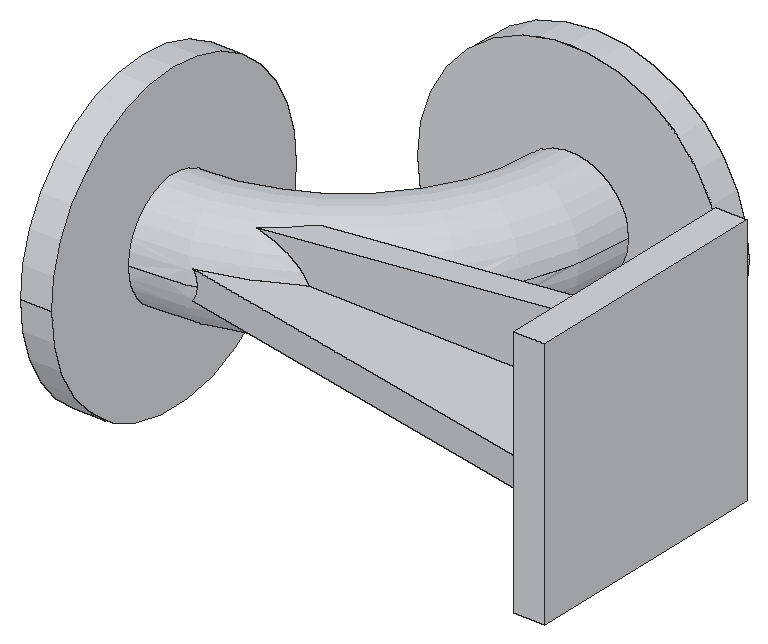
Revit family "9760840a84ea4a7bbc0095752be57b27", category Pipe Fittings, Revit 2021
Family settings
  Round Connector Dimension = Use Radius
  Part Type = Elbow
  OmniClass Number = 23.60.30.11.14
  OmniClass Title = Pipework Fittings
  Seek Item ID = Elbow Square Base - Flanged - GI - Class 125-0000-USA-ENU
  Work Plane-Based = No
  Always vertical = Yes
  Cut with Voids When Loaded = No
  Shared = No
Parameters (values of type "Standard")
  Wall Thickness [instance] = size_lookup(Lookup Table Name, "WThk", 0.04 * Nominal Diameter + 5/16", Nominal Diameter)  # 0.31102"
  Tick Size [instance] = Flange Diameter * 0.4  # 1.70079"
  Loss Method = K Coefficient from Table
  Lookup Table Name = "Elbow Square Base - Flanged - GI - Class 125"
  Length 6 [instance] = Center to Face * sin(Angle)  # 3.50394"
  Length 5 [instance] = Center to Face * cos(Angle) + Center to Face  # 3.50394"
  Length 4 [instance] = Square Base Width / 2  # 1.75197"
  Square Base Width [instance] = size_lookup(Lookup Table Name, "SBW", 0.49 * Nominal Diameter + 3 203/256", Nominal Diameter)  # 3.50394"
  Ribs Thickness [instance] = size_lookup(Lookup Table Name, "RThk", 0.04 * Nominal Diameter + 109/256", Nominal Diameter)  # 0.3937"
  Length 3 [instance] = sqrt(2 * Ribs Thickness * Center Radius - Ribs Thickness * Ribs Thickness)  # 1.5033"
  Length 2 [instance] = if(Length 4 * 0.3 < Fitting Outside Radius * 0.8, Length 4 * 0.3, Fitting Outside Radius * 0.8)  # 0.52559"
  K Coefficient Table = "Regular Flanged 90 and 180 Elbow"
  Fitting Outside Radius [instance] = Fitting Outside Diameter / 2  # 0.80315"
  Fitting Outside Diameter [instance] = Fitting Inside Diameter + Wall Thickness * 2  # 1.6063"
  Length 1 [instance] = (Fitting Outside Radius + 1/32") * tan(Angle / 2) + Flange Thickness  # 1.27141"
  Nominal Radius [instance] = 1/2"
  Nominal Diameter [instance] = Nominal Radius * 2  # 1"
  Fitting Inside Diameter [instance] = size_lookup(Lookup Table Name, "FID", 1.02 * Nominal Diameter - 11/256", Nominal Diameter)  # 0.98425"
  Default Elevation = 0' - 0"
  Center to Face 1 [instance] = size_lookup(Lookup Table Name, "CtF1", 0.68 * Nominal Diameter + 3 49/64", Nominal Diameter)  # 3.50394"
  Center to Face 2 [instance] = size_lookup(Lookup Table Name, "CtF2", 0.46 * Nominal Diameter + 1 19/32", Nominal Diameter)  # 1.77165"
  Center to Face [instance] = if(and(Angle > 0.00°, (not(Angle > 45.00°))), if(Center to Face 2 > Fitting Outside Radius * tan(Angle / 2) + Flange Thickness, Center to Face 2, Length 1), if(Center to Face 1 > Fitting Outside Radius * tan(Angle / 2) + Flange Thickness, Center to Face 1, Length 1))  # 3.50394"
  Center to Base [instance] = size_lookup(Lookup Table Name, "CtB", 0.68 * Nominal Diameter + 2 7/8", Nominal Diameter)  # 3.50394"
  Center Radius [instance] = (Center to Face - Flange Thickness) / tan(Angle / 2)  # 3.06693"
  Flange Thickness [instance] = size_lookup(Lookup Table Name, "FThk", 0.05 * Nominal Diameter + 161/256", Nominal Diameter)  # 0.43701"
  Flange Radius [instance] = Flange Diameter / 2  # 2.12598"
  Flange Diameter [instance] = size_lookup(Lookup Table Name, "FDia", 1.19 * Nominal Diameter + 3 31/32", Nominal Diameter)  # 4.25197"
  Base Thickness [instance] = size_lookup(Lookup Table Name, "BThk", 0.036 * Nominal Diameter + 15/32", Nominal Diameter)  # 0.43307"
  Assembly Code = ""
  Angle [instance] = 90.00°
Reference planes (in)
  plane 1 "Center (Front/Back)": y = 0
  plane 2: z = 0
  plane 3 "Center (Left/Right)": x = 0
  plane 4: x = -3.06693
  plane 5: x = -3.50394
  plane 6: y = 3.06693
  plane 7: y = 1.70079
  plane 8: y = -1.70079
  plane 9: x = 3.07087
  plane 10: x = 3.50394
  plane 11: z = 0.19685
  plane 12: z = -0.19685
  plane 13: y = -0.19685
  plane 14: y = 0.19685
  plane 15: x = -1.56363
  plane 16: y = 0.3937
  plane 17: x = 0
  plane 18: y = 3.50394
Forms (in)
  Sweep 1, solid, detail levels fine
    path in 3D
      loop
        arc (-3.06693, 0, 0) -> (-0.89828, 0.89828, 0) -> (0, 3.06693, 0) r 3.06693
    profile origin (-0.89828, 0.89828, 0) x (-0.707107, 0.707107, 0) y (0, 0, 1)
      loop
        circle (0, 0) r 0.80315
  Sweep 2, solid, detail levels fine
    path in 3D
      loop
        line (-3.50394, 0, 0) -> (-3.06693, 0, 0)
    profile origin (-3.28543, 0, 0) x (0, 1, 0) y (0, 0, 1)
      loop
        circle (0, 0) r 2.12598
  Sweep 3, solid, detail levels fine
    path in 3D
      loop
        line (0, 3.06693, 0) -> (0, 3.50394, 0)
    profile origin (0, 3.28543, 0) x (-1, 0, 0) y (0, 0, 1)
      loop
        circle (0, 0) r 2.12598
  Extrusion 4, solid, detail levels fine
    sketch origin (0, 0, 0) x (0, 1, 0) y (0, 0, 1)
      loop
        line (-1.75197, 1.75197) -> (-1.75197, -1.75197) -> (1.75197, -1.75197) -> (1.75197, 1.75197) -> (-1.75197, 1.75197)
    from 3.07087 to 3.50394
  Extrusion 5, solid, detail levels fine
    sketch origin (0, 0, 0) x (1, 0, 0) y (0, 1, 0)
      loop
        line (-3.06693, 0.52559) -> (-3.06693, -0.52559) -> (3.07087, -1.75197) -> (3.07087, 1.75197) -> (-3.06693, 0.52559)
    from -0.19685 to 0.19685
  Extrusion 6, solid, detail levels fine
    sketch origin (0, 0, 0) x (1, 0, 0) y (0, 0, 1)
      loop
        line (-3.06693, 0.52559) -> (-3.06693, -0.52559) -> (3.07087, -1.17198) -> (3.07087, 1.17198) -> (-3.06693, 0.52559)
    from -0.19685 to 0.19685
Cuts and joins
  joined: Sweep 1, Sweep 2, Sweep 3, Extrusion 4, Extrusion 5, Extrusion 6
Lines and regions (in)
  model lines, detail levels coarse+medium
    curve 1: line (-3.50394, 0, 0) -> (-3.06693, 0, 0)
    curve 2: arc (-3.06693, 0, 0) -> (-0.89828, 0.89828, 0) -> (0, 3.06693, 0) r 3.06693
    curve 3: line (0, 3.06693, 0) -> (0, 3.50394, 0)
    curve 8: line (-3.50394, 0, 0) -> (-3.50394, 1.70079, 0)
    curve 9: line (-3.50394, 0, 0) -> (-3.50394, -1.70079, 0)
    curve 10: line (0, 3.50394, 0) -> (-1.70079, 3.50394, 0)
    curve 11: line (0, 3.50394, 0) -> (1.70079, 3.50394, 0)
    curve 12: line (-3.06693, 0, 0) -> (3.50394, 0, 0)
    curve 14: line (-1.56363, 0.3937, 0) -> (3.50394, 0.3937, 0)
  sketch lines
    curve 4: arc (-3.06693, 0, 0) -> (-0.89828, 0.89828, 0) -> (0, 3.06693, 0) r 3.06693
    curve 5: line (-3.50394, 0, 0) -> (-3.06693, 0, 0)
    curve 6: line (0, 3.06693, 0) -> (0, 3.50394, 0)
  reference lines
    curve 7: line (-3.50394, 0, 0) -> (-3.06693, 0, 0)
    curve 13: line (0, 3.50394, 0) -> (0, 3.06693, 0)
Dimensions and locks (in)
  "Center Radius": plane 6 to plane 1 "Center (Front/Back)"
  "Flange Thickness": plane 5 to plane 4
  "Tick Size": plane 7 to plane 1 "Center (Front/Back)"
  "Tick Size": plane 8 to plane 1 "Center (Front/Back)"
  "Flange Thickness": curve 3 to curve 3
  "Tick Size": curve 10 to curve 10
  "Tick Size": curve 11 to curve 11
  "Center to Face": plane 5 to plane 3 "Center (Left/Right)"
  "Center to Base": plane 3 "Center (Left/Right)" to plane 10
  "Base Thickness": plane 9 to plane 10
  equal spacing: Extrusion 5 sketch curve, plane 1 "Center (Front/Back)", Extrusion 5 sketch curve  (x2)
  "Square Base Width": Extrusion 5 sketch curve to Extrusion 5 sketch curve
  "Length 2": plane 1 "Center (Front/Back)" to Extrusion 5 sketch curve
  equal spacing: plane 11, plane 2, plane 12
  "Ribs Thickness": plane 11 to plane 12
  equal spacing: Extrusion 6 sketch curve, plane 2, Extrusion 6 sketch curve  (x2)
  "Length 2": Extrusion 6 sketch curve to plane 2
  equal spacing: plane 13, plane 1 "Center (Front/Back)", plane 14
  "Ribs Thickness": plane 13 to plane 14
  "Length 3": plane 4 to plane 15
  "Ribs Thickness": plane 1 "Center (Front/Back)" to plane 16
  equal spacing: Extrusion 4 sketch curve, plane 1 "Center (Front/Back)", Extrusion 4 sketch curve
  "Square Base Width": Extrusion 4 sketch curve to Extrusion 4 sketch curve  (x2)
  equal spacing: Extrusion 4 sketch curve, plane 2, Extrusion 4 sketch curve
  "Length 5": plane 5 to plane 17
  "Length 6": plane 18 to plane 1 "Center (Front/Back)"
  "Center Radius": radius of curve 2
  "Fitting Outside Radius": radius of Sweep 1 sketch curve
  "Flange Radius": radius of Sweep 2 sketch curve
  "Flange Radius": radius of Sweep 3 sketch curve
  "Angle": angle curve 2 to curve 2
  "Angle": angle plane 1 "Center (Front/Back)" to curve 3
  locked: curve 11 to curve 3 (angle 90.00°)
  locked: curve 3 to curve 10 (angle 90.00°)
  "Angle": angle plane 18 to curve 13
  aligned and locked: plane 5 to curve 7
  aligned and locked: plane 1 "Center (Front/Back)" to curve 7
  aligned and locked: plane 7 to curve 8
  aligned and locked: plane 1 "Center (Front/Back)" to curve 9
  aligned and locked: plane 8 to curve 9
  aligned and locked: curve 9 to plane 5
  aligned and locked: Extrusion 4 to plane 9
  aligned and locked: plane 10 to Extrusion 4
  aligned and locked: plane 9 to Extrusion 5 sketch curve
  aligned and locked: Extrusion 5 to plane 12
  aligned and locked: plane 11 to Extrusion 5
  aligned and locked: plane 9 to Extrusion 6 sketch curve
  aligned and locked: Extrusion 6 to plane 13
  aligned and locked: plane 14 to Extrusion 6
  aligned and locked: plane 4 to curve 12
  aligned and locked: plane 10 to curve 12
  aligned and locked: plane 1 "Center (Front/Back)" to curve 12
  aligned and locked: plane 17 to curve 13
  aligned and locked: plane 18 to curve 13
  aligned and locked: plane 15 to curve 14
  aligned and locked: plane 10 to curve 14
  aligned and locked: curve 14 to plane 16
Automatic sketch dimensions
  Sweep 1 sketch curve to profile plane = 0' - 0"  (x2)
  Sweep 2 sketch curve to profile plane = 0' - 0"  (x2)
  Sweep 3 sketch curve to profile plane = 0' - 0"  (x2)
  Extrusion 6 sketch curve to plane 12 = 0' - 0.97513"
  curve 7 to plane 4 = 0' - 0"
  Extrusion 5 sketch curve to plane 4 = 0' - 0"
  Extrusion 6 sketch curve to plane 4 = 0' - 0"
Connectors (in)
  piping at (-3.50394, 0, 0), diameter 1, driven by "Nominal Radius", driven by "Angle"
    settings: on cut or joined group of Sweep 1, Sweep 2, Sweep 3, Extrusion 4, Extrusion 5, Extrusion 6, index 1, connector inside diameter 1", connector length 0' - 0", flow factor 0, pipe flow 0 GPM, pressure drop 0.00 psi, fitting loss kfactor 0, connector angle 90.00°, fixture units 0, engagement length 0' - 0", angle of deflection 0.00°, flow configuration 0, flow direction 0, fitting loss method 0, system type 28, joint type 0, gender type 0, connector reference index 2, connector utility 0, adjustable connector no, is connector primary yes, connector description ""
  piping at (0, 3.50394, 0), diameter 1, driven by "Nominal Radius", driven by "Angle"
    settings: on cut or joined group of Sweep 1, Sweep 2, Sweep 3, Extrusion 4, Extrusion 5, Extrusion 6, index 2, connector inside diameter 1", connector length 0' - 0", flow factor 0, pipe flow 0 GPM, pressure drop 0.00 psi, fitting loss kfactor 0, connector angle 90.00°, fixture units 0, engagement length 0' - 0", angle of deflection 0.00°, flow configuration 0, flow direction 0, fitting loss method 0, system type 28, joint type 0, gender type 0, connector reference index 1, connector utility 0, adjustable connector no, is connector primary no, connector description ""
